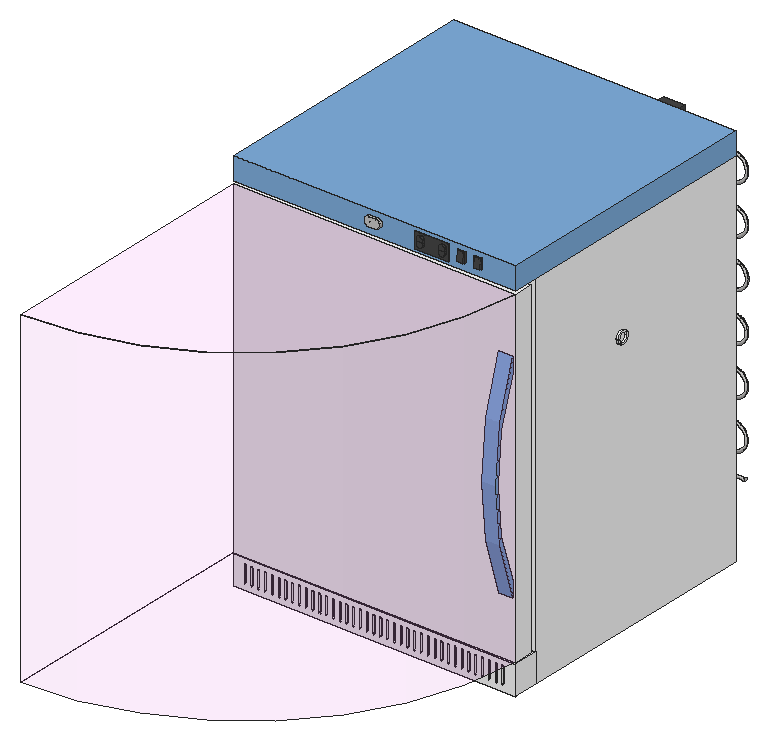
Revit family "QF_Summit_ARS6PV_Pharma_Vac_ADA_Compliant_All_Refrigerator", category Specialty Equipment, Revit 2020
Family settings
  Round Connector Dimension = Use Diameter
  Part Type = Normal
  Work Plane-Based = No
  Always vertical = Yes
  Cut with Voids When Loaded = No
  Shared = No
  Room Calculation Point = No
Parameters
  Weight in Pounds = 115
  Watts = if(Phase = 3, Volts * FL Amps * 1.73, Volts * FL Amps)  # 86.25 W
  Volts = 115 V
  Ventilation Remarks = ""
  URL Cutsheet = ""
  Specification by User = ""
  Specification by Manufacturer = ""
  Show RHD [instance] = yes
  Show LHD [instance] = not(Show RHD)  # no
  Show Clearance [instance] = yes
  Serial Number = ""
  Seismic Rating = ""
  SMACNA No = ""
  Revision Code = ""
  Refrigerant Volume = 0.00 kip
  Refrigerant Type = "R600a"
  Phase = 1
  Number of Poles = 1
  NAFEM Spec ID Number = ""
  Model = "ARS6PV"
  Min Ckt Ampacity = 0 A
  Max Overcurrent Protection = 0 A
  Masterspec = ""
  Manufacturer = "Summit"
  Length = 23 3/8"
  Item Number = ""
  Installed By = ""
  Identify Quantity as Lot = yes
  Height = 32 1/2"
  HP = ""
  Furnished By = ""
  Foodservice Equipment Identifier = yes
  FL Amps = 0.75 A
  Electrical Remarks = ""
  Electric Connection Type = ""
  Elec Conn RI Height = 0"
  Elec Conn Connection Height = 0"
  Description = "Pharma-Vac ADA Compliant All-Refrigerator"
  Depth = 24 3/8"
  Default Elevation = 0"
  Cycle = 60 Hz
  Conn Plug = ""
  Conn Conduit = yes
  CSI MasterFormat = ""
  Base Height [instance] = 1/2"
  BTUH = 0.0 Btu/h
  Apparent Power = if(Phase = 3, Volts * FL Amps * 1.73, Volts * FL Amps)  # 86.25 VA
Reference planes (in)
  plane 1 "BACK": y = 0
  plane 2: z = 0
  plane 3 "LEFT": x = 0
  plane 4 "RIGHT": x = 23.375
  plane 5 "FRONT": y = -24.375
  plane 6 "TOP": z = 32.5
  plane 7 "Center Y": x = 11.6875
  plane 8 "Center X": y = -12.1875
  plane 9 "Base Height": z = 0.5
  plane 10: y = -46.5
  plane 11: z = 30.625
  plane 12: y = -1.5
  plane 13: y = -22.25
  plane 14: y = -26.125
Forms (in)
  Extrusion 1, solid, material "QF_Plastic_White_Smooth"
    sketch origin (0, 0, 0.5) x (-1, 0, 0) y (0, -1, 0)
      loop
        line (0, 1.5) -> (0, 22.25) -> (-23.375, 22.25) -> (-23.375, 1.5) -> (0, 1.5)
    from 0 to 30.125
  Extrusion 2, solid, material "QF_Plastic_Light_Blue_Smooth"
    sketch origin (0, 0, 30.625) x (-1, 0, 0) y (0, -1, 0)
      loop
        line (0, 1.5) -> (0, 24.375) -> (-23.375, 24.375) -> (-23.375, 1.5) -> (0, 1.5)
    from 0 to 1.875
  Extrusion 3, solid, material "QF_Rubber - Black - Smooth"
    sketch origin (23.375, -22.25, 0.5) x (-1, 0, 0) y (0, 0, -1)
      loop
        line (0.5, -29.125) -> (22.875, -29.125) -> (22.875, -3) -> (0.5, -3) -> (0.5, -29.125)
    from 0 to 0.5
  Extrusion 4, solid, material "QF_Plastic_White_Smooth"
    sketch origin (23.375, -22.75, 0.5) x (-1, 0, 0) y (0, 0, -1)
      loop
        line (0, -29.875) -> (23.375, -29.875) -> (23.375, -2.5) -> (0, -2.5) -> (0, -29.875)
    from 0 to 1.625
  Extrusion 5, solid, material "QF_Rubber - Black - Smooth"
    sketch origin (0, -1.5, 0.5) x (1, 0, 0) y (0, 0, -1)
      loop
        circle (20.85407, -2.95918) r 0.25
    from 0 to 0.0625
  Revolve 6, solid, material "QF_Rubber - Black - Smooth"
    sketch origin (0, -3, 0) x (1, 0, 0) y (0, 0, 1)
      loop
        line (21.875, 0.5) -> (21.59375, 0.5) -> (21.59375, 0.375) -> (21.125, 0.375) -> (21.125, 0) -> (21.875, 0) -> (21.875, 0.5)
      axis (21.875, 0) -> (21.875, 0.5)
    angle from 0 to 360
  Revolve 7, solid, material "QF_Rubber - Black - Smooth"
    sketch origin (-14.5, -3, 0) x (1, 0, 0) y (0, 0, 1)
      loop
        line (16, 0.5) -> (15.71875, 0.5) -> (15.71875, 0.375) -> (15.25, 0.375) -> (15.25, 0) -> (16, 0) -> (16, 0.5)
      axis (16, 0) -> (16, 0.5)
    angle from 0 to 360
  Revolve 8, solid, material "QF_Rubber - Black - Smooth"
    sketch origin (0, -20.75, 0) x (1, 0, 0) y (0, 0, 1)
      loop
        line (21.875, 0.5) -> (21.59375, 0.5) -> (21.59375, 0.375) -> (21.125, 0.375) -> (21.125, 0) -> (21.875, 0) -> (21.875, 0.5)
      axis (21.875, 0) -> (21.875, 0.5)
    angle from 0 to 360
  Revolve 9, solid, material "QF_Rubber - Black - Smooth"
    sketch origin (-14.5, -20.75, 0) x (1, 0, 0) y (0, 0, 1)
      loop
        line (16, 0.5) -> (15.71875, 0.5) -> (15.71875, 0.375) -> (15.25, 0.375) -> (15.25, 0) -> (16, 0) -> (16, 0.5)
      axis (16, 0) -> (16, 0.5)
    angle from 0 to 360
  Extrusion 10, solid, material "QF_Metal_Black"
    sketch origin (23.375, -24.375, 30.625) x (-1, 0, 0) y (0, 0, -1)
      loop
        line (8.25, -1.625) -> (8.25, -0.25) -> (5.49196, -0.25) -> (5.49196, -1.625) -> (8.25, -1.625)
      loop
        line (4.75, -1.5) -> (4.75, -0.625) -> (4.125, -0.625) -> (4.125, -1.5) -> (4.75, -1.5)
      loop
        line (3.375, -0.625) -> (2.75, -0.625) -> (2.75, -1.5) -> (3.375, -1.5) -> (3.375, -0.625)
    from 0 to 0.0625
  Extrusion 11, solid, material "QF_Metal_Black"
    sketch origin (23.375, -24.4375, 30.625) x (-1, 0, 0) y (0, 0, -1)
      loop
        line (7.52932, -1.00134) -> (7.52932, -1.17236)
        arc (7.52932, -1.17236) -> (7.77932, -1.42236) -> (8.02932, -1.17236) r 0.25
        line (8.02932, -1.17236) -> (8.02932, -1.00134) -> (7.52932, -1.00134)
      loop
        line (6.21264, -1.00134) -> (5.71264, -1.00134) -> (5.71264, -1.17236)
        arc (5.71264, -1.17236) -> (5.96264, -1.42236) -> (6.21264, -1.17236) r 0.25
        line (6.21264, -1.17236) -> (6.21264, -1.00134)
    from 0 to 0.125
  Extrusion 12, solid, material "QF_Metal_Black"
    sketch origin (23.375, -24.4375, 30.625) x (-1, 0, 0) y (0, 0, -1)
      loop
        line (8.02932, -0.97188) -> (8.02932, -0.80086)
        arc (8.02932, -0.80086) -> (7.77932, -0.55086) -> (7.52932, -0.80086) r 0.25
        line (7.52932, -0.80086) -> (7.52932, -0.97188) -> (8.02932, -0.97188)
      loop
        line (6.21264, -0.97188) -> (6.21264, -0.80086)
        arc (6.21264, -0.80086) -> (5.96264, -0.55086) -> (5.71264, -0.80086) r 0.25
        line (5.71264, -0.80086) -> (5.71264, -0.97188) -> (6.21264, -0.97188)
    from 0 to 0.125
  Extrusion 13, solid, material "QF_Metal_Black"
    sketch origin (19.25, -24.375, 32.125) x (0, 0, -1) y (0, 1, 0)
      loop
        line (0.0625, -0.0625) -> (0.0625, -0.09634) -> (0.8125, -0.21513) -> (0.8125, -0.0625) -> (0.0625, -0.0625)
    from -0.5625 to -0.0625
  Extrusion 14, solid, material "QF_Metal_Black"
    sketch origin (20.625, -24.375, 32.125) x (0, 0, -1) y (0, 1, 0)
      loop
        line (0.0625, -0.09634) -> (0.8125, -0.21513) -> (0.8125, -0.0625) -> (0.0625, -0.0625) -> (0.0625, -0.09634)
    from -0.5625 to -0.0625
  Extrusion 15, solid, material "QF_Metal - Stainless - Polished"
    sketch origin (20.90447, -24.375, 30.625) x (-1, 0, 0) y (0, 0, -1)
      loop
        arc (8.96647, -0.71354) -> (8.59147, -1.08854) -> (8.96647, -1.46354) r 0.375
        line (8.96647, -1.46354) -> (9.46647, -1.46354)
        arc (9.46647, -1.46354) -> (9.84147, -1.08854) -> (9.46647, -0.71354) r 0.375
        line (9.46647, -0.71354) -> (8.96647, -0.71354)
      loop
        line (9.4034, -1.10322) -> (9.4034, -1.06436) -> (9.03054, -1.06436) -> (9.03054, -1.10322) -> (9.4034, -1.10322)
    from 0 to 0.25
  Extrusion 16, solid, material "QF_Plastic_Light_Blue_Smooth", visible <- "Show LHD"
    sketch origin (0, -22.125, 30.125) x (0, 0, -1) y (0, -1, 0)
      loop
        line (4.375, 2.25) -> (5.625, 2.25)
        arc (5.625, 2.25) -> (13.375, 3.79622) -> (21.125, 2.25) r 20.19546
        line (21.125, 2.25) -> (22.375, 2.25)
        arc (22.375, 2.25) -> (13.375, 4) -> (4.375, 2.25) r 24.01783
    from -0.24196 to -1.36696
  Extrusion 17, solid, material "QF_Metal_Stainless_Polished"
    sketch origin (-1.2283, -1.5, 0.5) x (1, 0, 0) y (0, 0, -1)
      loop
        circle (22.78573, -28.99931) r 0.25
      loop
        circle (3.11294, -28.99931) r 0.25
      loop
        circle (22.78573, -16.99931) r 0.25
      loop
        circle (3.11294, -16.99931) r 0.25
      loop
        circle (22.78573, -6.74931) r 0.25
      loop
        circle (3.11294, -6.74931) r 0.25
    from 0 to 1.5
  Sweep 18, solid, material "QF_Metal_Stainless_Polished"
    path origin (-0.125, 0, 0) x (1, 0, 0) y (0, 0, 1)
      loop
        line (0.32085, 29.76475) -> (22.19585, 29.76475)
        arc (22.19585, 29.76475) -> (23.19585, 28.76475) -> (22.19585, 27.76475) r 1
        line (22.19585, 27.76475) -> (1.3368, 27.76475)
        arc (1.3368, 27.76475) -> (0.3368, 26.76475) -> (1.3368, 25.76475) r 1
        line (1.3368, 25.76475) -> (22.19548, 25.76475)
        arc (22.19548, 25.76475) -> (23.19548, 24.76475) -> (22.19548, 23.76475) r 1
        line (22.19548, 23.76475) -> (1.33704, 23.76475)
        arc (1.33704, 23.76475) -> (0.33704, 22.76475) -> (1.33704, 21.76475) r 1
        line (1.33704, 21.76475) -> (22.19629, 21.76475)
        arc (22.19629, 21.76475) -> (23.19629, 20.76475) -> (22.19629, 19.76475) r 1
        line (22.19629, 19.76475) -> (1.33589, 19.76475)
        arc (1.33589, 19.76475) -> (0.33589, 18.76475) -> (1.33589, 17.76475) r 1
        line (1.33589, 17.76475) -> (22.1852, 17.76475)
        arc (22.1852, 17.76475) -> (23.1852, 16.76475) -> (22.1852, 15.76475) r 1
        line (22.1852, 15.76475) -> (1.33204, 15.76475)
        arc (1.33204, 15.76475) -> (0.33204, 14.76475) -> (1.33204, 13.76475) r 1
        line (1.33204, 13.76475) -> (22.17917, 13.76475)
        arc (22.17917, 13.76475) -> (23.17917, 12.76475) -> (22.17917, 11.76475) r 1
        line (22.17917, 11.76475) -> (1.3323, 11.76475)
        arc (1.3323, 11.76475) -> (0.3323, 10.76475) -> (1.3323, 9.76475) r 1
        line (1.3323, 9.76475) -> (22.16184, 9.76475)
        arc (22.16184, 9.76475) -> (23.16184, 8.76475) -> (22.16184, 7.76475) r 1
        line (22.16184, 7.76475) -> (1.36686, 7.76475)
        arc (1.36686, 7.76475) -> (0.36686, 6.76475) -> (1.36686, 5.76475) r 1
        line (1.36686, 5.76475) -> (23.19494, 5.76475)
    profile origin (11.13335, 0, 29.76475) x (0, 0, 1) y (0, -1, 0)
      loop
        circle (0.09375, 0.09375) r 0.09375
  Extrusion 19, solid, material "QF_Plastic_White_Smooth"
    sketch origin (23.375, 4.67912, -5.44653) x (0, -1, 0) y (0, 0, -1)
      loop
        circle (18.17912, -27.94653) r 0.5
      loop
        circle (18.17912, -27.94653) r 0.40625
    from 0 to 0.25
  Extrusion 20, solid, material "QF_Metal_Black"
    sketch origin (0, -1.5, 30.625) x (1, 0, 0) y (0, 0, -1)
      loop
        line (18.375, -1.625) -> (18.375, -0.25) -> (16.625, -0.25) -> (16.625, -1.625) -> (18.375, -1.625)
    from 0 to 0.96936
  Extrusion 21, solid, material "QF_Clearances_Door_Drawer", visible <- "Show LHD"
    sketch origin (0, 0, 0.5) x (-1, 0, 0) y (0, -1, 0)
      loop
        arc (0.00144, 24.375) -> (-7.27687, 40.09309) -> (-23.375, 46.48704) r 23.3767
        line (-23.375, 46.48704) -> (-23.375, 24.375) -> (0.00144, 24.375)
    from 2.5 to 29.875
  Extrusion 22, solid, material "QF_Plastic_White_Smooth"
    sketch origin (23.375, -22.25, 0.5) x (-1, 0, 0) y (0, 0, -1)
      loop
        line (23.375, -2.375) -> (23.375, 0) -> (0, 0) -> (0, -2.375) -> (23.375, -2.375)
      loop
        line (23.3125, -0.0625) -> (0.0625, -0.0625) -> (0.0625, -2.3125) -> (23.3125, -2.3125) -> (23.3125, -0.0625)
    from 0 to 2.125
  Extrusion 23, solid, material "QF_Plastic_White_Smooth"
    sketch origin (23.375, -24.375, 0.5) x (-1, 0, 0) y (0, 0, -1)
      loop
        line (23.375, 0) -> (0, 0) -> (0, -2.375) -> (23.375, -2.375) -> (23.375, 0)
      loop
        arc (22.28125, -1.90625) -> (22.375, -2) -> (22.46875, -1.90625) r 0.09375
        line (22.46875, -1.90625) -> (22.46875, -0.59375)
        arc (22.46875, -0.59375) -> (22.375, -0.5) -> (22.28125, -0.59375) r 0.09375
        line (22.28125, -0.59375) -> (22.28125, -1.90625)
      loop
        arc (21.71875, -1.90625) -> (21.8125, -2) -> (21.90625, -1.90625) r 0.09375
        line (21.90625, -1.90625) -> (21.90625, -0.59375)
        arc (21.90625, -0.59375) -> (21.8125, -0.5) -> (21.71875, -0.59375) r 0.09375
        line (21.71875, -0.59375) -> (21.71875, -1.90625)
      loop
        arc (21.15625, -1.90625) -> (21.25, -2) -> (21.34375, -1.90625) r 0.09375
        line (21.34375, -1.90625) -> (21.34375, -0.59375)
        arc (21.34375, -0.59375) -> (21.25, -0.5) -> (21.15625, -0.59375) r 0.09375
        line (21.15625, -0.59375) -> (21.15625, -1.90625)
      loop
        arc (20.59375, -1.90625) -> (20.6875, -2) -> (20.78125, -1.90625) r 0.09375
        line (20.78125, -1.90625) -> (20.78125, -0.59375)
        arc (20.78125, -0.59375) -> (20.6875, -0.5) -> (20.59375, -0.59375) r 0.09375
        line (20.59375, -0.59375) -> (20.59375, -1.90625)
      loop
        arc (20.03125, -1.90625) -> (20.125, -2) -> (20.21875, -1.90625) r 0.09375
        line (20.21875, -1.90625) -> (20.21875, -0.59375)
        arc (20.21875, -0.59375) -> (20.125, -0.5) -> (20.03125, -0.59375) r 0.09375
        line (20.03125, -0.59375) -> (20.03125, -1.90625)
      loop
        arc (19.46875, -1.90625) -> (19.5625, -2) -> (19.65625, -1.90625) r 0.09375
        line (19.65625, -1.90625) -> (19.65625, -0.59375)
        arc (19.65625, -0.59375) -> (19.5625, -0.5) -> (19.46875, -0.59375) r 0.09375
        line (19.46875, -0.59375) -> (19.46875, -1.90625)
      loop
        arc (18.90625, -1.90625) -> (19, -2) -> (19.09375, -1.90625) r 0.09375
        line (19.09375, -1.90625) -> (19.09375, -0.59375)
        arc (19.09375, -0.59375) -> (19, -0.5) -> (18.90625, -0.59375) r 0.09375
        line (18.90625, -0.59375) -> (18.90625, -1.90625)
      loop
        arc (18.34375, -1.90625) -> (18.4375, -2) -> (18.53125, -1.90625) r 0.09375
        line (18.53125, -1.90625) -> (18.53125, -0.59375)
        arc (18.53125, -0.59375) -> (18.4375, -0.5) -> (18.34375, -0.59375) r 0.09375
        line (18.34375, -0.59375) -> (18.34375, -1.90625)
      loop
        arc (17.78125, -1.90625) -> (17.875, -2) -> (17.96875, -1.90625) r 0.09375
        line (17.96875, -1.90625) -> (17.96875, -0.59375)
        arc (17.96875, -0.59375) -> (17.875, -0.5) -> (17.78125, -0.59375) r 0.09375
        line (17.78125, -0.59375) -> (17.78125, -1.90625)
      loop
        arc (17.21875, -1.90625) -> (17.3125, -2) -> (17.40625, -1.90625) r 0.09375
        line (17.40625, -1.90625) -> (17.40625, -0.59375)
        arc (17.40625, -0.59375) -> (17.3125, -0.5) -> (17.21875, -0.59375) r 0.09375
        line (17.21875, -0.59375) -> (17.21875, -1.90625)
      loop
        arc (16.65625, -1.90625) -> (16.75, -2) -> (16.84375, -1.90625) r 0.09375
        line (16.84375, -1.90625) -> (16.84375, -0.59375)
        arc (16.84375, -0.59375) -> (16.75, -0.5) -> (16.65625, -0.59375) r 0.09375
        line (16.65625, -0.59375) -> (16.65625, -1.90625)
      loop
        arc (16.09375, -1.90625) -> (16.1875, -2) -> (16.28125, -1.90625) r 0.09375
        line (16.28125, -1.90625) -> (16.28125, -0.59375)
        arc (16.28125, -0.59375) -> (16.1875, -0.5) -> (16.09375, -0.59375) r 0.09375
        line (16.09375, -0.59375) -> (16.09375, -1.90625)
      loop
        arc (15.53125, -1.90625) -> (15.625, -2) -> (15.71875, -1.90625) r 0.09375
        line (15.71875, -1.90625) -> (15.71875, -0.59375)
        arc (15.71875, -0.59375) -> (15.625, -0.5) -> (15.53125, -0.59375) r 0.09375
        line (15.53125, -0.59375) -> (15.53125, -1.90625)
      loop
        arc (14.96875, -1.90625) -> (15.0625, -2) -> (15.15625, -1.90625) r 0.09375
        line (15.15625, -1.90625) -> (15.15625, -0.59375)
        arc (15.15625, -0.59375) -> (15.0625, -0.5) -> (14.96875, -0.59375) r 0.09375
        line (14.96875, -0.59375) -> (14.96875, -1.90625)
      loop
        arc (14.40625, -1.90625) -> (14.5, -2) -> (14.59375, -1.90625) r 0.09375
        line (14.59375, -1.90625) -> (14.59375, -0.59375)
        arc (14.59375, -0.59375) -> (14.5, -0.5) -> (14.40625, -0.59375) r 0.09375
        line (14.40625, -0.59375) -> (14.40625, -1.90625)
      loop
        arc (13.84375, -1.90625) -> (13.9375, -2) -> (14.03125, -1.90625) r 0.09375
        line (14.03125, -1.90625) -> (14.03125, -0.59375)
        arc (14.03125, -0.59375) -> (13.9375, -0.5) -> (13.84375, -0.59375) r 0.09375
        line (13.84375, -0.59375) -> (13.84375, -1.90625)
      loop
        arc (13.28125, -1.90625) -> (13.375, -2) -> (13.46875, -1.90625) r 0.09375
        line (13.46875, -1.90625) -> (13.46875, -0.59375)
        arc (13.46875, -0.59375) -> (13.375, -0.5) -> (13.28125, -0.59375) r 0.09375
        line (13.28125, -0.59375) -> (13.28125, -1.90625)
      loop
        arc (12.71875, -1.90625) -> (12.8125, -2) -> (12.90625, -1.90625) r 0.09375
        line (12.90625, -1.90625) -> (12.90625, -0.59375)
        arc (12.90625, -0.59375) -> (12.8125, -0.5) -> (12.71875, -0.59375) r 0.09375
        line (12.71875, -0.59375) -> (12.71875, -1.90625)
      loop
        arc (12.15625, -1.90625) -> (12.25, -2) -> (12.34375, -1.90625) r 0.09375
        line (12.34375, -1.90625) -> (12.34375, -0.59375)
        arc (12.34375, -0.59375) -> (12.25, -0.5) -> (12.15625, -0.59375) r 0.09375
        line (12.15625, -0.59375) -> (12.15625, -1.90625)
      loop
        arc (11.59375, -1.90625) -> (11.6875, -2) -> (11.78125, -1.90625) r 0.09375
        line (11.78125, -1.90625) -> (11.78125, -0.59375)
        arc (11.78125, -0.59375) -> (11.6875, -0.5) -> (11.59375, -0.59375) r 0.09375
        line (11.59375, -0.59375) -> (11.59375, -1.90625)
      loop
        arc (11.03125, -1.90625) -> (11.125, -2) -> (11.21875, -1.90625) r 0.09375
        line (11.21875, -1.90625) -> (11.21875, -0.59375)
        arc (11.21875, -0.59375) -> (11.125, -0.5) -> (11.03125, -0.59375) r 0.09375
        line (11.03125, -0.59375) -> (11.03125, -1.90625)
      loop
        arc (10.46875, -1.90625) -> (10.5625, -2) -> (10.65625, -1.90625) r 0.09375
        line (10.65625, -1.90625) -> (10.65625, -0.59375)
        arc (10.65625, -0.59375) -> (10.5625, -0.5) -> (10.46875, -0.59375) r 0.09375
        line (10.46875, -0.59375) -> (10.46875, -1.90625)
      loop
        arc (9.90625, -1.90625) -> (10, -2) -> (10.09375, -1.90625) r 0.09375
        line (10.09375, -1.90625) -> (10.09375, -0.59375)
        arc (10.09375, -0.59375) -> (10, -0.5) -> (9.90625, -0.59375) r 0.09375
        line (9.90625, -0.59375) -> (9.90625, -1.90625)
      loop
        arc (9.34375, -1.90625) -> (9.4375, -2) -> (9.53125, -1.90625) r 0.09375
        line (9.53125, -1.90625) -> (9.53125, -0.59375)
        arc (9.53125, -0.59375) -> (9.4375, -0.5) -> (9.34375, -0.59375) r 0.09375
        line (9.34375, -0.59375) -> (9.34375, -1.90625)
      loop
        arc (8.78125, -1.90625) -> (8.875, -2) -> (8.96875, -1.90625) r 0.09375
        line (8.96875, -1.90625) -> (8.96875, -0.59375)
        arc (8.96875, -0.59375) -> (8.875, -0.5) -> (8.78125, -0.59375) r 0.09375
        line (8.78125, -0.59375) -> (8.78125, -1.90625)
      loop
        arc (8.21875, -1.90625) -> (8.3125, -2) -> (8.40625, -1.90625) r 0.09375
        line (8.40625, -1.90625) -> (8.40625, -0.59375)
        arc (8.40625, -0.59375) -> (8.3125, -0.5) -> (8.21875, -0.59375) r 0.09375
        line (8.21875, -0.59375) -> (8.21875, -1.90625)
      loop
        arc (7.65625, -1.90625) -> (7.75, -2) -> (7.84375, -1.90625) r 0.09375
        line (7.84375, -1.90625) -> (7.84375, -0.59375)
        arc (7.84375, -0.59375) -> (7.75, -0.5) -> (7.65625, -0.59375) r 0.09375
        line (7.65625, -0.59375) -> (7.65625, -1.90625)
      loop
        arc (7.09375, -1.90625) -> (7.1875, -2) -> (7.28125, -1.90625) r 0.09375
        line (7.28125, -1.90625) -> (7.28125, -0.59375)
        arc (7.28125, -0.59375) -> (7.1875, -0.5) -> (7.09375, -0.59375) r 0.09375
        line (7.09375, -0.59375) -> (7.09375, -1.90625)
      loop
        arc (6.53125, -1.90625) -> (6.625, -2) -> (6.71875, -1.90625) r 0.09375
        line (6.71875, -1.90625) -> (6.71875, -0.59375)
        arc (6.71875, -0.59375) -> (6.625, -0.5) -> (6.53125, -0.59375) r 0.09375
        line (6.53125, -0.59375) -> (6.53125, -1.90625)
      loop
        arc (5.96875, -1.90625) -> (6.0625, -2) -> (6.15625, -1.90625) r 0.09375
        line (6.15625, -1.90625) -> (6.15625, -0.59375)
        arc (6.15625, -0.59375) -> (6.0625, -0.5) -> (5.96875, -0.59375) r 0.09375
        line (5.96875, -0.59375) -> (5.96875, -1.90625)
      loop
        arc (5.40625, -1.90625) -> (5.5, -2) -> (5.59375, -1.90625) r 0.09375
        line (5.59375, -1.90625) -> (5.59375, -0.59375)
        arc (5.59375, -0.59375) -> (5.5, -0.5) -> (5.40625, -0.59375) r 0.09375
        line (5.40625, -0.59375) -> (5.40625, -1.90625)
      loop
        arc (4.84375, -1.90625) -> (4.9375, -2) -> (5.03125, -1.90625) r 0.09375
        line (5.03125, -1.90625) -> (5.03125, -0.59375)
        arc (5.03125, -0.59375) -> (4.9375, -0.5) -> (4.84375, -0.59375) r 0.09375
        line (4.84375, -0.59375) -> (4.84375, -1.90625)
      loop
        arc (4.28125, -1.90625) -> (4.375, -2) -> (4.46875, -1.90625) r 0.09375
        line (4.46875, -1.90625) -> (4.46875, -0.59375)
        arc (4.46875, -0.59375) -> (4.375, -0.5) -> (4.28125, -0.59375) r 0.09375
        line (4.28125, -0.59375) -> (4.28125, -1.90625)
      loop
        arc (3.71875, -1.90625) -> (3.8125, -2) -> (3.90625, -1.90625) r 0.09375
        line (3.90625, -1.90625) -> (3.90625, -0.59375)
        arc (3.90625, -0.59375) -> (3.8125, -0.5) -> (3.71875, -0.59375) r 0.09375
        line (3.71875, -0.59375) -> (3.71875, -1.90625)
      loop
        arc (3.15625, -1.90625) -> (3.25, -2) -> (3.34375, -1.90625) r 0.09375
        line (3.34375, -1.90625) -> (3.34375, -0.59375)
        arc (3.34375, -0.59375) -> (3.25, -0.5) -> (3.15625, -0.59375) r 0.09375
        line (3.15625, -0.59375) -> (3.15625, -1.90625)
      loop
        arc (2.59375, -1.90625) -> (2.6875, -2) -> (2.78125, -1.90625) r 0.09375
        line (2.78125, -1.90625) -> (2.78125, -0.59375)
        arc (2.78125, -0.59375) -> (2.6875, -0.5) -> (2.59375, -0.59375) r 0.09375
        line (2.59375, -0.59375) -> (2.59375, -1.90625)
      loop
        arc (2.03125, -1.90625) -> (2.125, -2) -> (2.21875, -1.90625) r 0.09375
        line (2.21875, -1.90625) -> (2.21875, -0.59375)
        arc (2.21875, -0.59375) -> (2.125, -0.5) -> (2.03125, -0.59375) r 0.09375
        line (2.03125, -0.59375) -> (2.03125, -1.90625)
      loop
        arc (1.46875, -1.90625) -> (1.5625, -2) -> (1.65625, -1.90625) r 0.09375
        line (1.65625, -1.90625) -> (1.65625, -0.59375)
        arc (1.65625, -0.59375) -> (1.5625, -0.5) -> (1.46875, -0.59375) r 0.09375
        line (1.46875, -0.59375) -> (1.46875, -1.90625)
      loop
        arc (0.90625, -1.90625) -> (1, -2) -> (1.09375, -1.90625) r 0.09375
        line (1.09375, -1.90625) -> (1.09375, -0.59375)
        arc (1.09375, -0.59375) -> (1, -0.5) -> (0.90625, -0.59375) r 0.09375
        line (0.90625, -0.59375) -> (0.90625, -1.90625)
    from 0 to -0.0625
  Extrusion 24, solid, material "QF_Plastic_Light_Blue_Smooth", visible <- "Show RHD"
    sketch origin (23.375, -22.125, 30.125) x (0, 0, -1) y (0, 1, 0)
      loop
        arc (4.375, -2.25) -> (13.375, -4) -> (22.375, -2.25) r 24.01783
        line (22.375, -2.25) -> (21.125, -2.25)
        arc (21.125, -2.25) -> (13.375, -3.79622) -> (5.625, -2.25) r 20.19546
        line (5.625, -2.25) -> (4.375, -2.25)
    from -0.24196 to -1.36696
  Extrusion 25, solid, material "QF_Clearances_Door_Drawer", visible <- "Show RHD"
    sketch origin (23.375, 0, 0.5) x (1, 0, 0) y (0, 1, 0)
      loop
        line (0.00144, -24.375) -> (-23.375, -24.375) -> (-23.375, -46.48704)
        arc (-23.375, -46.48704) -> (-7.27687, -40.09309) -> (0.00144, -24.375) r 23.3767
    from 2.5 to 29.875
Cuts and joins
  joined: Extrusion 22, Extrusion 23
Lines and regions (in)
  Split face 1
    outline origin (22.75384, -24.375, 30.7666) x (-1, 0, 0) y (0, 0, -1)
      loop
        arc (21.90161, -0.97896) -> (21.88294, -0.98485) -> (21.87102, -1.00038) r 0.03255
        arc (21.87102, -1.00038) -> (21.85282, -1.02895) -> (21.82424, -1.04716) r 0.07828
        arc (21.82424, -1.04716) -> (21.78646, -1.05382) -> (21.74867, -1.04716) r 0.11047
        arc (21.74867, -1.04716) -> (21.71253, -0.99554) -> (21.74867, -0.94392) r 0.05493
        arc (21.74867, -0.94392) -> (21.80204, -0.92912) -> (21.85706, -0.92285) r 0.35291
        arc (21.85706, -0.92285) -> (21.92454, -0.90912) -> (21.98388, -0.87416) r 0.20863
        arc (21.98388, -0.87416) -> (22.01258, -0.78679) -> (21.98388, -0.69942) r 0.14738
        arc (21.98388, -0.69942) -> (21.93591, -0.66081) -> (21.87512, -0.65099) r 0.12037
        arc (21.87512, -0.65099) -> (21.8027, -0.65589) -> (21.73646, -0.68556) r 0.20635
        arc (21.73646, -0.68556) -> (21.72016, -0.6915) -> (21.70385, -0.68556) r 0.02536
        line (21.70385, -0.68556) -> (21.67733, -0.66331) -> (21.61422, -0.66331)
        arc (21.61422, -0.66331) -> (21.59448, -0.66599) -> (21.57973, -0.67939) r 0.03358
        line (21.57973, -0.67939) -> (21.5891, -0.746) -> (21.5891, -1.0209)
        arc (21.5891, -1.0209) -> (21.61527, -1.079) -> (21.66917, -1.11299) r 0.11051
        arc (21.66917, -1.11299) -> (21.73106, -1.12586) -> (21.7941, -1.13053) r 0.48335
        arc (21.7941, -1.13053) -> (21.84319, -1.12688) -> (21.89101, -1.11517) r 0.29737
        arc (21.89101, -1.11517) -> (21.93423, -1.09385) -> (21.97019, -1.06177) r 0.17873
        line (21.97019, -1.06177) -> (21.99501, -1.00602)
        arc (21.99501, -1.00602) -> (21.99348, -0.98759) -> (21.97713, -0.97896) r 0.01924
        line (21.97713, -0.97896) -> (21.90161, -0.97896)
  Split face 2
    outline origin (23.22273, -24.375, 30.75847) x (-1, 0, 0) y (0, 0, -1)
      loop
        arc (22.21736, -0.87416) -> (22.28071, -0.86077) -> (22.34154, -0.83856) r 0.45683
        arc (22.34154, -0.83856) -> (22.35686, -0.79626) -> (22.34154, -0.75396) r 0.06604
        arc (22.34154, -0.75396) -> (22.27916, -0.73587) -> (22.21678, -0.75396) r 0.11662
        arc (22.21678, -0.75396) -> (22.18529, -0.7904) -> (22.17928, -0.83817) r 0.08315
        arc (22.17928, -0.83817) -> (22.18981, -0.86358) -> (22.21521, -0.8741) r 0.03593
  Split face 3
    outline origin (22.71181, -24.375, 30.76459) x (-1, 0, 0) y (0, 0, -1)
      loop
        arc (21.03457, -0.96137) -> (21.027, -0.97738) -> (21.02763, -0.99508) r 0.03748
        arc (21.02763, -0.99508) -> (21.05705, -1.0545) -> (21.10606, -1.09917) r 0.17938
        arc (21.10606, -1.09917) -> (21.37596, -1.08431) -> (21.45567, -0.82603) r 0.23652
        arc (21.45567, -0.82603) -> (21.42228, -0.74133) -> (21.35202, -0.68343) r 0.18179
        arc (21.35202, -0.68343) -> (21.2757, -0.65499) -> (21.19425, -0.65562) r 0.22467
        arc (21.19425, -0.65562) -> (21.12428, -0.67338) -> (21.06878, -0.71955) r 0.16353
        arc (21.06878, -0.71955) -> (21.0417, -0.76165) -> (21.02194, -0.80764) r 0.30233
        arc (21.02194, -0.80764) -> (21.02194, -0.82738) -> (21.03904, -0.83726) r 0.01975
        line (21.03904, -0.83726) -> (21.10789, -0.83726)
        arc (21.10789, -0.83726) -> (21.13444, -0.82626) -> (21.14543, -0.79971) r 0.03754
        arc (21.14543, -0.79971) -> (21.23138, -0.74974) -> (21.31734, -0.79971) r 0.09891
        arc (21.31734, -0.79971) -> (21.3421, -0.88424) -> (21.32631, -0.97089) r 0.19105
        arc (21.32631, -0.97089) -> (21.29287, -1.01396) -> (21.24299, -1.03599) r 0.11135
        arc (21.24299, -1.03599) -> (21.18839, -1.02815) -> (21.1486, -0.98995) r 0.09008
        arc (21.1486, -0.98995) -> (21.14023, -0.96974) -> (21.12002, -0.96137) r 0.02858
        line (21.12002, -0.96137) -> (21.03457, -0.96137)
  Split face 4
    outline origin (23.22015, -24.375, 30.76423) x (-1, 0, 0) y (0, 0, -1)
      loop
        arc (20.92201, -1.11804) -> (20.94124, -1.10813) -> (20.94432, -1.08671) r 0.02361
        line (20.94432, -1.08671) -> (20.94432, -0.86216)
        arc (20.94432, -0.86216) -> (20.93987, -0.77087) -> (20.89808, -0.6896) r 0.216
        arc (20.89808, -0.6896) -> (20.78405, -0.6491) -> (20.67001, -0.6896) r 0.18078
        arc (20.67001, -0.6896) -> (20.65273, -0.70072) -> (20.63804, -0.68635) r 0.01649
        arc (20.63804, -0.68635) -> (20.62935, -0.66989) -> (20.61195, -0.66331) r 0.02629
        line (20.61195, -0.66331) -> (20.54988, -0.66331)
        arc (20.54988, -0.66331) -> (20.52771, -0.67249) -> (20.51853, -0.69466) r 0.03135
        line (20.51853, -0.69466) -> (20.51853, -1.08097)
        arc (20.51853, -1.08097) -> (20.52186, -1.10626) -> (20.54449, -1.11804) r 0.02762
        line (20.54449, -1.11804) -> (20.61276, -1.11804)
        arc (20.61276, -1.11804) -> (20.63453, -1.10903) -> (20.64354, -1.08726) r 0.03079
        line (20.64354, -1.08726) -> (20.64354, -0.83664)
        arc (20.64354, -0.83664) -> (20.73207, -0.74811) -> (20.8206, -0.83664) r 0.08853
        line (20.8206, -0.83664) -> (20.8206, -1.09144)
        arc (20.8206, -1.09144) -> (20.8284, -1.11025) -> (20.84721, -1.11804) r 0.0266
        line (20.84721, -1.11804) -> (20.92201, -1.11804)
  Split face 5
    outline origin (23.21726, -24.375, 30.76712) x (-1, 0, 0) y (0, 0, -1)
      loop
        arc (20.00384, -0.96137) -> (19.99626, -0.97738) -> (19.99689, -0.99508) r 0.03748
        arc (19.99689, -0.99508) -> (20.02632, -1.0545) -> (20.07532, -1.09917) r 0.17938
        arc (20.07532, -1.09917) -> (20.34522, -1.08431) -> (20.42493, -0.82603) r 0.23652
        arc (20.42493, -0.82603) -> (20.39155, -0.74133) -> (20.32128, -0.68343) r 0.18179
        arc (20.32128, -0.68343) -> (20.24496, -0.65499) -> (20.16351, -0.65562) r 0.22467
        arc (20.16351, -0.65562) -> (20.09355, -0.67338) -> (20.03805, -0.71955) r 0.16353
        arc (20.03805, -0.71955) -> (20.01097, -0.76165) -> (19.99121, -0.80764) r 0.30233
        arc (19.99121, -0.80764) -> (19.99121, -0.82738) -> (20.00831, -0.83726) r 0.01975
        line (20.00831, -0.83726) -> (20.07715, -0.83726)
        arc (20.07715, -0.83726) -> (20.1037, -0.82626) -> (20.1147, -0.79971) r 0.03754
        arc (20.1147, -0.79971) -> (20.20065, -0.74974) -> (20.2866, -0.79971) r 0.09891
        arc (20.2866, -0.79971) -> (20.31136, -0.88424) -> (20.29557, -0.97089) r 0.19105
        arc (20.29557, -0.97089) -> (20.26213, -1.01396) -> (20.21226, -1.03599) r 0.11135
        arc (20.21226, -1.03599) -> (20.15766, -1.02815) -> (20.11787, -0.98995) r 0.09008
        arc (20.11787, -0.98995) -> (20.1095, -0.96974) -> (20.08929, -0.96137) r 0.02858
        line (20.08929, -0.96137) -> (20.00384, -0.96137)
  Split face 6
    outline origin (23.21917, -24.375, 30.50824) x (-1, 0, 0) y (0, 0, -1)
      loop
        circle (19.70195, -1.14848) r 0.26828
  Split face 7
    outline origin (22.75018, -24.375, 30.51763) x (-1, 0, 0) y (0, 0, -1)
      loop
        arc (18.91304, -1.54185) -> (18.93609, -1.5323) -> (18.94564, -1.50925) r 0.0326
        line (18.94564, -1.50925) -> (18.94564, -0.95273)
        arc (18.94564, -0.95273) -> (18.94564, -0.92645) -> (18.92288, -0.91331) r 0.02628
        line (18.92288, -0.91331) -> (18.85239, -0.91331)
        arc (18.85239, -0.91331) -> (18.83272, -0.92145) -> (18.82458, -0.94111) r 0.02781
        line (18.82458, -0.94111) -> (18.82458, -1.5099)
        arc (18.82458, -1.5099) -> (18.83394, -1.53249) -> (18.85653, -1.54185) r 0.03195
        line (18.85653, -1.54185) -> (18.91304, -1.54185)
  Split face 8
    outline origin (23.22099, -24.375, 30.76435) x (-1, 0, 0) y (0, 0, -1)
      loop
        arc (18.86437, -1.29185) -> (18.8817, -1.28247) -> (18.88861, -1.26402) r 0.0281
        line (18.88861, -1.26402) -> (18.88861, -1.0983)
        arc (18.88861, -1.0983) -> (18.89805, -1.08449) -> (18.91435, -1.08826) r 0.01483
        arc (18.91435, -1.08826) -> (19.01979, -1.13843) -> (19.13057, -1.10155) r 0.15633
        arc (19.13057, -1.10155) -> (19.22738, -0.89232) -> (19.13057, -0.68309) r 0.2745
        arc (19.13057, -0.68309) -> (19.02517, -0.6502) -> (18.91977, -0.68309) r 0.1853
        arc (18.91977, -0.68309) -> (18.9035, -0.69514) -> (18.88408, -0.68939) r 0.02268
        arc (18.88408, -0.68939) -> (18.87922, -0.67124) -> (18.8622, -0.66331) r 0.02222
        line (18.8622, -0.66331) -> (18.80112, -0.66331)
        arc (18.80112, -0.66331) -> (18.77325, -0.67485) -> (18.7617, -0.70273) r 0.03942
        line (18.7617, -0.70273) -> (18.7617, -1.2599)
        arc (18.7617, -1.2599) -> (18.77106, -1.28249) -> (18.79365, -1.29185) r 0.03195
        line (18.79365, -1.29185) -> (18.86437, -1.29185)
  Split face 9
    outline origin (23.21787, -24.375, 30.76459) x (-1, 0, 0) y (0, 0, -1)
      loop
        arc (21.03457, -0.96137) -> (21.027, -0.97738) -> (21.02763, -0.99508) r 0.03748
        arc (21.02763, -0.99508) -> (21.05705, -1.0545) -> (21.10606, -1.09917) r 0.17938
        arc (21.10606, -1.09917) -> (21.37596, -1.08431) -> (21.45567, -0.82603) r 0.23652
        arc (21.45567, -0.82603) -> (21.42228, -0.74133) -> (21.35202, -0.68343) r 0.18179
        arc (21.35202, -0.68343) -> (21.2757, -0.65499) -> (21.19425, -0.65562) r 0.22467
        arc (21.19425, -0.65562) -> (21.12428, -0.67338) -> (21.06878, -0.71955) r 0.16353
        arc (21.06878, -0.71955) -> (21.0417, -0.76165) -> (21.02194, -0.80764) r 0.30233
        arc (21.02194, -0.80764) -> (21.02194, -0.82738) -> (21.03904, -0.83726) r 0.01975
        line (21.03904, -0.83726) -> (21.10789, -0.83726)
        arc (21.10789, -0.83726) -> (21.13444, -0.82626) -> (21.14543, -0.79971) r 0.03754
        arc (21.14543, -0.79971) -> (21.23138, -0.74974) -> (21.31734, -0.79971) r 0.09891
        arc (21.31734, -0.79971) -> (21.3421, -0.88424) -> (21.32631, -0.97089) r 0.19105
        arc (21.32631, -0.97089) -> (21.29287, -1.01396) -> (21.24299, -1.03599) r 0.11135
        arc (21.24299, -1.03599) -> (21.18839, -1.02815) -> (21.1486, -0.98995) r 0.09008
        arc (21.1486, -0.98995) -> (21.14023, -0.96974) -> (21.12002, -0.96137) r 0.02858
        line (21.12002, -0.96137) -> (21.03457, -0.96137)
  Split face 10
    outline origin (20.90447, -24.625, 30.625) x (-1, 0, 0) y (0, 0, -1)
      loop
        circle (9.21647, -1.08854) r 0.18692
  Split face 11
    outline origin (23.375, -24.375, 30.625) x (-1, 0, 0) y (0, 0, -1)
      loop
        line (19.85554, -1.11085) -> (19.92343, -1.1474) -> (19.92331, -1.0759) -> (19.98771, -1.03599) -> (19.92235, -0.99829) -> (19.92235, -0.92286) -> (19.85762, -0.96442) -> (19.79271, -0.92487) -> (19.79271, -0.99721) -> (19.72719, -1.03503) -> (19.79271, -1.07557) -> (19.79271, -1.1492) -> (19.85554, -1.11085)
  Split face 12
    outline origin (23.375, -24.375, 30.625) x (-1, 0, 0) y (0, 0, -1)
      loop
        spline (19.14836, -1.17519) -> (19.17683, -1.17026) -> (19.20335, -1.15581) -> (19.22612, -1.13281) -> (19.2436, -1.10284) -> (19.25459, -1.06794) -> (19.25833, -1.03049) -> (19.25459, -0.99304) -> (19.2436, -0.95815) -> (19.22612, -0.92818) -> (19.20335, -0.90518) -> (19.17683, -0.89073) -> (19.14836, -0.8858)
        spline (19.14836, -0.8858) -> (19.1199, -0.89073) -> (19.09338, -0.90518) -> (19.0706, -0.92818) -> (19.05313, -0.95815) -> (19.04214, -0.99304) -> (19.03839, -1.03049) -> (19.04214, -1.06794) -> (19.05313, -1.10284) -> (19.0706, -1.13281) -> (19.09338, -1.15581) -> (19.1199, -1.17026) -> (19.14836, -1.17519)
  symbolic lines
    curve 1: line (0, -1.5, 0.5) -> (23.375, -1.5, 0.5)
    curve 2: line (0, -24.375, 0.5) -> (0, -1.5, 0.5)
    curve 3: line (23.375, -24.375, 0.5) -> (0, -24.375, 0.5)
    curve 4: line (23.375, -1.5, 0.5) -> (23.375, -24.375, 0.5)
    curve 5: line (16.625, -0.53064, 0.5) -> (16.625, -1.5, 0.5)
    curve 6: line (18.375, -0.53064, 0.5) -> (16.625, -0.53064, 0.5)
    curve 7: line (18.375, -1.5, 0.5) -> (18.375, -0.53064, 0.5)
    curve 8: line (1.63057, -1.5, 0.5) -> (1.63057, -0.1875, 0.5)
    curve 9: line (2.13057, -1.5, 0.5) -> (2.13057, -0.1875, 0.5)
    curve 10: line (0.28891, -0.1875, 0.5) -> (23.16776, -0.1875, 0.5)
    curve 11: line (23.16776, 0, 0.5) -> (0.28891, 0, 0.5)
    curve 12: arc (0.28891, 0, 0.5) -> (0.19516, -0.09375, 0.5) -> (0.28891, -0.1875, 0.5) r 0.09375
    curve 13: arc (23.16776, -0.1875, 0.5) -> (23.26151, -0.09375, 0.5) -> (23.16776, 0, 0.5) r 0.09375
    curve 14: line (21.31024, -0.1875, 0.5) -> (21.31024, -1.5, 0.5)
    curve 15: line (21.81024, -0.1875, 0.5) -> (21.81024, -1.5, 0.5)
    curve 16: line (23.625, -13, 0.5) -> (23.625, -14, 0.5)
    curve 17: line (23.625, -14, 0.5) -> (23.375, -14, 0.5)
    curve 18: line (23.625, -13, 0.5) -> (23.375, -13, 0.5)
    curve 22: line (11.06172, -24.375, 0.5) -> (11.06172, -24.625, 0.5)
    curve 23: line (11.06172, -24.625, 0.5) -> (12.31328, -24.625, 0.5)
    curve 24: line (12.31328, -24.625, 0.5) -> (12.31328, -24.375, 0.5)
    curve 25: line (15.125, -24.375, 0.5) -> (15.125, -24.4375, 0.5)
    curve 26: line (15.125, -24.4375, 0.5) -> (17.875, -24.4375, 0.5)
    curve 27: line (17.875, -24.4375, 0.5) -> (17.875, -24.375, 0.5)
    curve 28: line (18.625, -24.375, 0.5) -> (18.625, -24.4375, 0.5)
    curve 29: line (18.625, -24.4375, 0.5) -> (19.25, -24.4375, 0.5)
    curve 30: line (19.25, -24.4375, 0.5) -> (19.25, -24.375, 0.5)
    curve 31: line (20, -24.375, 0.5) -> (20, -24.4375, 0.5)
    curve 32: line (20, -24.4375, 0.5) -> (20.625, -24.4375, 0.5)
    curve 33: line (20.625, -24.4375, 0.5) -> (20.625, -24.375, 0.5)
  symbolic lines, visible <- "Show LHD"
    curve 19: line (0.24196, -24.375, 0.5) -> (0.24196, -26.125, 0.5)
    curve 20: line (0.24196, -26.125, 0.5) -> (1.36696, -26.125, 0.5)
    curve 21: line (1.36696, -26.125, 0.5) -> (1.36696, -24.375, 0.5)
  symbolic lines, style "QF_Clearances_Door_Drawer", visible <- "Show LHD"
    curve 34: arc (0.01345, -24.625, 0.5) -> (1.13649, -30.41985, 0.5) -> (3.67524, -35.74866, 0.5) r 23.3767
    curve 35: line (23.375, -24.375, 0.5) -> (3.67524, -35.74866, 0.5)
  symbolic lines, visible <- "Show RHD"
    curve 36: line (23.13304, -24.375, 0.5) -> (23.13304, -26.125, 0.5)
    curve 37: line (23.13304, -26.125, 0.5) -> (22.00804, -26.125, 0.5)
    curve 38: line (22.00804, -26.125, 0.5) -> (22.00804, -24.375, 0.5)
  symbolic lines, style "QF_Clearances_Door_Drawer", visible <- "Show RHD"
    curve 39: arc (23.36155, -24.625, 0.5) -> (22.23851, -30.41985, 0.5) -> (19.69976, -35.74866, 0.5) r 23.3767
    curve 40: line (0, -24.375, 0.5) -> (19.69976, -35.74866, 0.5)
Dimensions and locks (in)
  equal spacing: plane 3 "LEFT", plane 7 "Center Y", plane 4 "RIGHT"
  "Length": plane 3 "LEFT" to plane 4 "RIGHT"
  equal spacing: plane 5 "FRONT", plane 8 "Center X", plane 1 "BACK"
  "Depth": plane 5 "FRONT" to plane 1 "BACK"
  "Height": plane 6 "TOP" to level
  "Base Height": plane 9 "Base Height" to level
  plane 10 to plane 1 "BACK" = 46 1/2"
  plane 12 to plane 1 "BACK" = 1 1/2"
  plane 12 to plane 13 = 20 3/4"
  plane 14 to plane 5 "FRONT" = 1 3/4"
  plane 6 "TOP" to plane 11 = 1 7/8"
  aligned and locked: level to plane 2
Automatic sketch dimensions
  curve 3 to plane 4 "RIGHT" = 0"
  plane 1 "BACK" to curve 11 = 0"
  plane 14 to curve 36 = 0"
  plane 5 "FRONT" to curve 36 = 0"
  curve 15 to plane 12 = 0"
  curve 21 to plane 14 = 0"
  curve 2 to plane 3 "LEFT" = 0"
  curve 16 to curve 18 = 1/4"
  plane 4 "RIGHT" to curve 34 = 0.03397"
  plane 4 "RIGHT" to curve 11 = 0.20724"
  plane 4 "RIGHT" to curve 36 = 0.24196"
  curve 36 to curve 38 = 1 1/8"
  plane 5 "FRONT" to curve 33 = 1/16"
  curve 38 to curve 33 = 1.38304"
  curve 32 to curve 31 = 5/8"
  plane 4 "RIGHT" to curve 40 = 3.67524"
  plane 5 "FRONT" to curve 29 = 1/16"
  curve 31 to curve 29 = 3/4"
  curve 29 to curve 28 = 5/8"
  plane 1 "BACK" to curve 7 = 0.53064"
  curve 10 to curve 7 = 4.79276"
  plane 5 "FRONT" to curve 27 = 1/16"
  curve 28 to curve 27 = 3/4"
  curve 6 to curve 5 = 1 3/4"
  curve 26 to curve 26 = 2 3/4"
  plane 5 "FRONT" to curve 24 = 1/4"
  plane 7 "Center Y" to curve 24 = 0.62578"
  curve 23 to plane 7 "Center Y" = 0.62578"
  plane 3 "LEFT" to curve 35 = 3.67524"
  plane 3 "LEFT" to curve 21 = 1.36696"
  plane 3 "LEFT" to curve 11 = 0.28891"
  plane 3 "LEFT" to curve 19 = 0.24196"
  plane 3 "LEFT" to curve 39 = 0.03397"
  curve 11 to curve 13 = 3/32"
  curve 16 to plane 8 "Center X" = 13/16"
  curve 16 to curve 17 = 1"
  curve 34 to plane 13 = 0.86036"
  curve 39 to plane 13 = 0.86036"
  curve 40 to plane 14 = 9.62366"
  curve 35 to plane 14 = 9.62366"
  plane 4 "RIGHT" to curve 39 = 0.01345"
  plane 4 "RIGHT" to curve 15 = 1.56476"
  curve 15 to curve 14 = 1/2"
  curve 9 to curve 10 = 1.84166"
  curve 9 to curve 8 = 1/2"
  plane 3 "LEFT" to curve 34 = 0.01345"
  Extrusion 1 sketch curve to plane 4 "RIGHT" = 0"
  Extrusion 1 sketch curve to plane 3 "LEFT" = 0"
  Extrusion 1 sketch curve to plane 12 = 0"
  Extrusion 1 sketch curve to plane 13 = 0"
  Extrusion 2 sketch curve to Extrusion 1 = 0"  (x3)
  Extrusion 1 to Extrusion 2 sketch curve = 2 1/8"
  Extrusion 3 sketch curve to Extrusion 1 = 1/2"
  Extrusion 1 to Extrusion 3 sketch curve = 1/2"
  Extrusion 1 to Extrusion 3 sketch curve = 1"
  Extrusion 1 to Extrusion 3 sketch curve = 3"
  Extrusion 3 to Extrusion 4 sketch curve = 1/2"  (x3)
  Extrusion 3 to Extrusion 4 sketch curve = 3/4"
  Extrusion 5 sketch curve to Extrusion 1 = 2.52093"
  Extrusion 1 to Extrusion 5 sketch curve = 2.95918"
  Revolve 6 sketch curve to level = 0"
  Revolve 6 sketch curve to plane 9 "Base Height" = 0"  (x2)
  Revolve 6 sketch curve to plane 9 "Base Height" = 1/8"
  plane 4 "RIGHT" to Revolve 6 sketch curve = 2 1/4"
  Revolve 6 sketch curve to Revolve 6 sketch curve = 15/32"
  Revolve 6 sketch curve to Revolve 6 sketch curve = 9/32"
  Revolve 6 sketch curve to Revolve 6 sketch curve = 0"
  Revolve 6 sketch curve to Revolve 6 sketch curve = 0.28839"
  Revolve 7 sketch curve to level = 0"
  Revolve 7 sketch curve to plane 9 "Base Height" = 0"  (x2)
  Revolve 7 sketch curve to plane 9 "Base Height" = 1/8"
  plane 3 "LEFT" to Revolve 7 sketch curve = 3/4"
  Revolve 7 sketch curve to Revolve 7 sketch curve = 15/32"
  Revolve 7 sketch curve to Revolve 7 sketch curve = 9/32"
  Revolve 7 sketch curve to Revolve 7 sketch curve = 0"
  plane 9 "Base Height" to Revolve 7 sketch curve = 0.28839"
  Revolve 8 sketch curve to level = 0"
  Revolve 8 sketch curve to plane 9 "Base Height" = 0"  (x2)
  Revolve 8 sketch curve to plane 9 "Base Height" = 1/8"
  plane 4 "RIGHT" to Revolve 8 sketch curve = 2 1/4"
  Revolve 8 sketch curve to Revolve 8 sketch curve = 15/32"
  Revolve 8 sketch curve to Revolve 8 sketch curve = 9/32"
  Revolve 8 sketch curve to Revolve 8 sketch curve = 0"
  Revolve 8 sketch curve to Revolve 8 sketch curve = 0.28839"
  Revolve 9 sketch curve to level = 0"
  Revolve 9 sketch curve to plane 9 "Base Height" = 0"  (x2)
  Revolve 9 sketch curve to plane 9 "Base Height" = 1/8"
  plane 3 "LEFT" to Revolve 9 sketch curve = 3/4"
  Revolve 9 sketch curve to Revolve 9 sketch curve = 15/32"
  Revolve 9 sketch curve to Revolve 9 sketch curve = 9/32"
  Revolve 9 sketch curve to Revolve 9 sketch curve = 0"
  Revolve 9 sketch curve to Revolve 9 sketch curve = 0.28839"
  Extrusion 2 to Extrusion 10 sketch curve = 5/8"  (x2)
  Extrusion 10 sketch curve to Extrusion 2 = 2 3/4"
  Extrusion 10 sketch curve to Extrusion 10 sketch curve = 5/8"  (x2)
  Extrusion 10 sketch curve to Extrusion 10 sketch curve = 3/4"
  Extrusion 2 to Extrusion 10 sketch curve = 1/4"  (x2)
  Extrusion 10 sketch curve to Extrusion 10 sketch curve = 0.74196"
  Extrusion 10 sketch curve to Extrusion 10 sketch curve = 2.75804"
  Extrusion 2 to Extrusion 10 sketch curve = 3/8"  (x2)
  Extrusion 11 sketch curve to Extrusion 10 = 0.22068"
  Extrusion 11 sketch curve to Extrusion 11 sketch curve = 1/4"  (x2)
  Extrusion 11 sketch curve to Extrusion 10 = 0.72068"
  Extrusion 11 sketch curve to Extrusion 10 = 0.32764"  (x2)
  Extrusion 11 sketch curve to Extrusion 11 sketch curve = 0.17103"  (x2)
  Extrusion 12 sketch curve to Extrusion 10 = 0.22068"
  Extrusion 12 sketch curve to Extrusion 10 = 0.17586"  (x2)
  Extrusion 12 sketch curve to Extrusion 12 sketch curve = 1/4"  (x2)
  Extrusion 12 sketch curve to Extrusion 10 = 0.34688"
  Extrusion 12 sketch curve to Extrusion 10 = 0.72068"
  Extrusion 12 sketch curve to Extrusion 12 sketch curve = 0.17103"
  Extrusion 13 sketch curve to Extrusion 10 = 0"
  Extrusion 13 sketch curve to Extrusion 10 = 1/16"
  Extrusion 10 to Extrusion 13 sketch curve = 1/16"
  Extrusion 13 sketch curve to Extrusion 10 = 0.03384"
  Extrusion 13 sketch curve to Extrusion 10 = 0.15263"
  Extrusion 14 sketch curve to Extrusion 10 = 0"
  Extrusion 14 sketch curve to Extrusion 10 = 1/16"
  Extrusion 10 to Extrusion 14 sketch curve = 1/16"
  Extrusion 14 sketch curve to Extrusion 10 = 0.03384"
  Extrusion 14 sketch curve to Extrusion 10 = 0.15263"
  Extrusion 2 to Extrusion 15 sketch curve = 0.78646"
  Extrusion 15 sketch curve to Extrusion 2 = 11.437"
  Extrusion 15 sketch curve to Extrusion 15 sketch curve = 0.06407"
  Extrusion 15 sketch curve to Extrusion 15 sketch curve = 0.37286"
  Extrusion 15 sketch curve to Extrusion 15 sketch curve = 0.06308"
  Extrusion 15 sketch curve to Extrusion 15 sketch curve = 0.01468"
  Extrusion 15 sketch curve to Extrusion 15 sketch curve = 0.36032"
  Extrusion 15 sketch curve to Extrusion 15 sketch curve = 0.03886"
  Split face 1 sketch curve to Extrusion 2 = 1.17411"
  Split face 1 sketch curve to Split face 1 sketch curve = 0.00936"
  Split face 1 sketch curve to Split face 1 sketch curve = 0.02894"
  Split face 1 sketch curve to Split face 1 sketch curve = 0.00555"
  Split face 1 sketch curve to Split face 1 sketch curve = 0.06311"
  Split face 1 sketch curve to Split face 1 sketch curve = 0.10957"
  Split face 1 sketch curve to Split face 1 sketch curve = 0.02652"
  Split face 1 sketch curve to Split face 1 sketch curve = 0.0163"  (x2)
  Split face 1 sketch curve to Split face 1 sketch curve = 0.06879"
  Split face 1 sketch curve to Split face 1 sketch curve = 0.01899"
  Split face 1 sketch curve to Split face 1 sketch curve = 0.01018"
  Split face 1 sketch curve to Split face 1 sketch curve = 0.01101"
  Split face 1 sketch curve to Split face 1 sketch curve = 5/64"
  Split face 1 sketch curve to Split face 1 sketch curve = 0.03682"
  Split face 1 sketch curve to Split face 1 sketch curve = 0.0515"
  Split face 1 sketch curve to Split face 1 sketch curve = 0.05598"
  Split face 1 sketch curve to Split face 1 sketch curve = 0.01258"
  Split face 1 sketch curve to Split face 1 sketch curve = 0.10191"
  Split face 1 sketch curve to Split face 1 sketch curve = 0.02175"
  Split face 1 sketch curve to Split face 1 sketch curve = 0.06732"
  Split face 1 sketch curve to Split face 1 sketch curve = 0.06858"
  Split face 1 sketch curve to Split face 1 sketch curve = 0.07553"
  Split face 1 sketch curve to Split face 1 sketch curve = 0.0003"
  Split face 1 sketch curve to Split face 1 sketch curve = 0.01757"
  Split face 1 sketch curve to Extrusion 2 = 0.45786"
  Split face 1 sketch curve to Split face 1 sketch curve = 0.21378"
  Split face 1 sketch curve to Split face 1 sketch curve = 0.25464"
  Split face 1 sketch curve to Split face 1 sketch curve = 0.05026"
  Split face 1 sketch curve to Split face 1 sketch curve = 0.01442"
  Split face 1 sketch curve to Split face 1 sketch curve = 0.05575"
  Split face 1 sketch curve to Split face 1 sketch curve = 1/128"
  Split face 1 sketch curve to Split face 1 sketch curve = 0.01095"
  Split face 1 sketch curve to Split face 1 sketch curve = 0.02193"
  Split face 1 sketch curve to Split face 1 sketch curve = 0.02792"
  Split face 1 sketch curve to Split face 1 sketch curve = 0.03025"
  Split face 1 sketch curve to Split face 1 sketch curve = 0.08957"
  Split face 1 sketch curve to Split face 1 sketch curve = 0.02293"
  Split face 1 sketch curve to Split face 1 sketch curve = 0.06932"
  Split face 1 sketch curve to Split face 1 sketch curve = 0.01601"
  Split face 1 sketch curve to Split face 1 sketch curve = 0.08718"
  Split face 1 sketch curve to Split face 1 sketch curve = 0.05644"
  Split face 1 sketch curve to Split face 1 sketch curve = 0.04957"
  Split face 1 sketch curve to Split face 1 sketch curve = 0.01086"
  Split face 1 sketch curve to Split face 1 sketch curve = 0.01704"
  Split face 1 sketch curve to Split face 1 sketch curve = 0.01943"
  Split face 1 sketch curve to Split face 1 sketch curve = 0.01893"
  Split face 1 sketch curve to Split face 1 sketch curve = 0.0295"
  Split face 1 sketch curve to Split face 1 sketch curve = 0.03778"
  Split face 1 sketch curve to Split face 1 sketch curve = 0"  (x5)
  Split face 1 sketch curve to Split face 1 sketch curve = 0.02534"
  Split face 1 sketch curve to Split face 1 sketch curve = 0.06677"
  Split face 2 sketch curve to Extrusion 2 = 1.06794"
  Split face 2 sketch curve to Split face 2 sketch curve = 0.06042"
  Split face 2 sketch curve to Split face 2 sketch curve = 0.04604"
  Split face 2 sketch curve to Split face 2 sketch curve = 0.0179"
  Split face 2 sketch curve to Split face 2 sketch curve = 0.02957"
  Split face 2 sketch curve to Extrusion 2 = 0.88904"
  Split face 2 sketch curve to Split face 2 sketch curve = 0.01432"
  Split face 2 sketch curve to Split face 2 sketch curve = 0.02828"
  Split face 2 sketch curve to Split face 2 sketch curve = 0.02796"
  Split face 2 sketch curve to Split face 2 sketch curve = 0.37462"
  Split face 2 sketch curve to Split face 2 sketch curve = 0.03593"
  Split face 2 sketch curve to Split face 2 sketch curve = 0"
  Split face 2 sketch curve to Split face 2 sketch curve = 0.00215"
  Split face 2 sketch curve to Split face 2 sketch curve = 0.06238"
  Split face 2 sketch curve to Split face 2 sketch curve = 0.05071"
  Split face 3 sketch curve to Extrusion 2 = 0.77404"
  Split face 3 sketch curve to Extrusion 2 = 1.67724"
  Split face 3 sketch curve to Split face 3 sketch curve = 0.00447"
  Split face 3 sketch curve to Split face 3 sketch curve = 0.02913"
  Split face 3 sketch curve to Split face 3 sketch curve = 0.06885"
  Split face 3 sketch curve to Split face 3 sketch curve = 0.05632"
  Split face 3 sketch curve to Split face 3 sketch curve = 0.04342"
  Split face 3 sketch curve to Split face 3 sketch curve = 0.04721"
  Split face 3 sketch curve to Split face 3 sketch curve = 0.049"
  Split face 3 sketch curve to Split face 3 sketch curve = 0.02401"
  Split face 3 sketch curve to Split face 3 sketch curve = 0.00357"
  Split face 3 sketch curve to Split face 3 sketch curve = 0.00602"
  Split face 3 sketch curve to Split face 3 sketch curve = 0.03286"
  Split face 3 sketch curve to Split face 3 sketch curve = 0.00635"
  Split face 3 sketch curve to Split face 3 sketch curve = 0.04385"
  Split face 3 sketch curve to Split face 3 sketch curve = 0.03341"
  Split face 3 sketch curve to Split face 3 sketch curve = 0.02357"
  Split face 3 sketch curve to Split face 3 sketch curve = 0.02858"
  Split face 3 sketch curve to Split face 3 sketch curve = 0.04277"
  Split face 3 sketch curve to Split face 3 sketch curve = 0.00063"
  Split face 3 sketch curve to Split face 3 sketch curve = 0.02096"
  Split face 3 sketch curve to Split face 3 sketch curve = 0.02263"
  Split face 3 sketch curve to Split face 3 sketch curve = 0.02829"
  Split face 3 sketch curve to Split face 3 sketch curve = 0.05231"
  Split face 3 sketch curve to Split face 3 sketch curve = 0.02169"
  Split face 3 sketch curve to Split face 3 sketch curve = 0.02759"
  Split face 3 sketch curve to Split face 3 sketch curve = 0.00044"
  Split face 3 sketch curve to Split face 3 sketch curve = 0.05698"
  Split face 3 sketch curve to Split face 3 sketch curve = 0.02956"
  Split face 3 sketch curve to Split face 3 sketch curve = 0.01975"
  Split face 3 sketch curve to Split face 3 sketch curve = 0.03754"
  Split face 3 sketch curve to Split face 3 sketch curve = 0"  (x5)
  Split face 3 sketch curve to Split face 3 sketch curve = 0.0171"
  Split face 3 sketch curve to Split face 3 sketch curve = 0.12547"
  Split face 3 sketch curve to Split face 3 sketch curve = 0.03468"
  Split face 4 sketch curve to Extrusion 2 = 0.6548"
  Split face 4 sketch curve to Extrusion 2 = 2.70162"
  Split face 4 sketch curve to Split face 4 sketch curve = 0.02595"
  Split face 4 sketch curve to Split face 4 sketch curve = 0.03135"
  Split face 4 sketch curve to Split face 4 sketch curve = 0.06207"
  Split face 4 sketch curve to Split face 4 sketch curve = 0.06827"
  Split face 4 sketch curve to Split face 4 sketch curve = 0.03079"
  Split face 4 sketch curve to Split face 4 sketch curve = 0.04245"
  Split face 4 sketch curve to Split face 4 sketch curve = 0.08768"
  Split face 4 sketch curve to Split face 4 sketch curve = 0.00085"
  Split face 4 sketch curve to Split face 4 sketch curve = 0.03656"
  Split face 4 sketch curve to Split face 4 sketch curve = 0.0266"
  Split face 4 sketch curve to Split face 4 sketch curve = 0.0748"
  Split face 4 sketch curve to Split face 4 sketch curve = 0.02231"
  Split face 4 sketch curve to Split face 4 sketch curve = 0.00573"
  Split face 4 sketch curve to Split face 4 sketch curve = 0.00628"
  Split face 4 sketch curve to Split face 4 sketch curve = 0.00473"
  Split face 4 sketch curve to Split face 4 sketch curve = 0.22455"
  Split face 4 sketch curve to Split face 4 sketch curve = 0.02551"
  Split face 4 sketch curve to Split face 4 sketch curve = 0.00677"
  Split face 4 sketch curve to Split face 4 sketch curve = 0.00986"
  Split face 4 sketch curve to Split face 4 sketch curve = 0.14199"
  Split face 4 sketch curve to Split face 4 sketch curve = 0.02629"
  Split face 4 sketch curve to Split face 4 sketch curve = 0.00528"
  Split face 4 sketch curve to Split face 4 sketch curve = 0"
  Split face 4 sketch curve to Split face 4 sketch curve = 1/64"
  Split face 5 sketch curve to Extrusion 2 = 0.77151"
  Split face 5 sketch curve to Extrusion 2 = 3.21342"
  Split face 5 sketch curve to Split face 5 sketch curve = 0.00447"
  Split face 5 sketch curve to Split face 5 sketch curve = 0.02913"
  Split face 5 sketch curve to Split face 5 sketch curve = 0.06885"
  Split face 5 sketch curve to Split face 5 sketch curve = 0.05632"
  Split face 5 sketch curve to Split face 5 sketch curve = 0.04342"
  Split face 5 sketch curve to Split face 5 sketch curve = 0.04721"
  Split face 5 sketch curve to Split face 5 sketch curve = 0.049"
  Split face 5 sketch curve to Split face 5 sketch curve = 0.02401"
  Split face 5 sketch curve to Split face 5 sketch curve = 0.00357"
  Split face 5 sketch curve to Split face 5 sketch curve = 0.00602"
  Split face 5 sketch curve to Split face 5 sketch curve = 0.03286"
  Split face 5 sketch curve to Split face 5 sketch curve = 0.00635"
  Split face 5 sketch curve to Split face 5 sketch curve = 0.04385"
  Split face 5 sketch curve to Split face 5 sketch curve = 0.03341"
  Split face 5 sketch curve to Split face 5 sketch curve = 0.02357"
  Split face 5 sketch curve to Split face 5 sketch curve = 0.02858"
  Split face 5 sketch curve to Split face 5 sketch curve = 0.04277"
  Split face 5 sketch curve to Split face 5 sketch curve = 0.00063"
  Split face 5 sketch curve to Split face 5 sketch curve = 0.02096"
  Split face 5 sketch curve to Split face 5 sketch curve = 0.02263"
  Split face 5 sketch curve to Split face 5 sketch curve = 0.02829"
  Split face 5 sketch curve to Split face 5 sketch curve = 0.05231"
  Split face 5 sketch curve to Split face 5 sketch curve = 0.02169"
  Split face 5 sketch curve to Split face 5 sketch curve = 0.02759"
  Split face 5 sketch curve to Split face 5 sketch curve = 0.00044"
  Split face 5 sketch curve to Split face 5 sketch curve = 0.05698"
  Split face 5 sketch curve to Split face 5 sketch curve = 0.02956"
